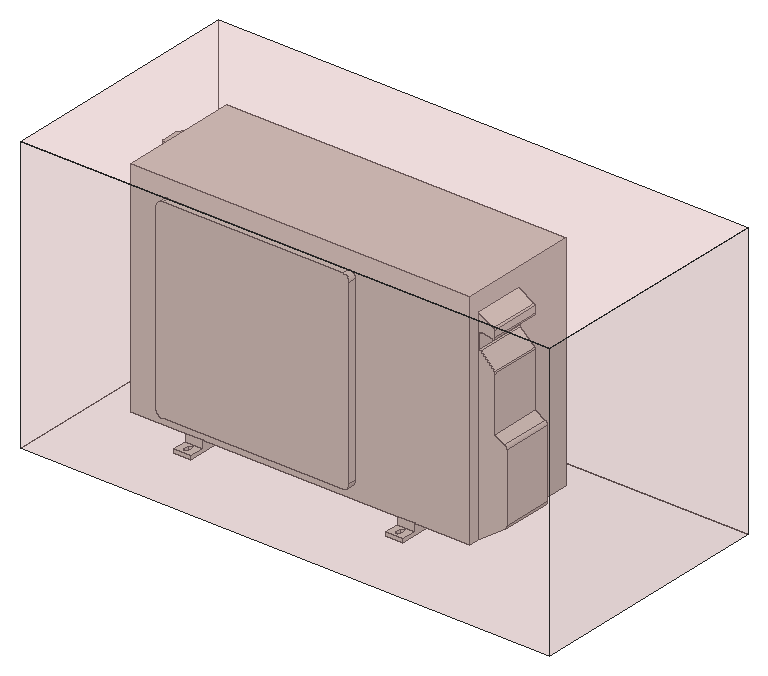
Revit family "MUY-TP50VF", category Mechanical Equipment, Revit 2016
Family settings
  Part Type = Normal
  Round Connector Dimension = Use Radius
  OmniClass Number = 23.75.00.00
  OmniClass Title = Climate Control (HVAC)
  Work Plane-Based = No
  Always vertical = Yes
  Cut with Voids When Loaded = No
  Shared = No
  Room Calculation Point = No
Parameters (values of type "MUY-TP50VF")
  Width (mm) = 800 mm
  Unit Weight (kg) = 34.00 kg
  Starting current (Set) (A) = 6.4
  Refrigerant type = "R32"
  Model = "MUY-TP50VF"
  Voltage = 230 V
  URL = "http://www.mitsubishielectric.com/"
  Subcategory = "HVAC"
  Space View = yes
  Refrigerant filling capacity (kg) = 0.85
  Phase = 1
  Manufacturer = "Mitsubishi Electric Corporation"
  Liquid pipe_radius (mm) = 3.2 mm
  Hertz = 50 Hz
  Height (mm) = 550 mm
  Gas pipe_radius (mm) = 4.8 mm
  Fan speed regulator = 3
  Fan motor Model = "RC0J50-NC"
  Fan Motor Cooling Current (A) = 0.21
  Depth (mm) = 285 mm
  Cooling Sound Level (dB(A)) = 47
  Cooling Running current (Set) (A) = 6.4
  Cooling Power input (Set) (W) = 1450
  Cooling Power factor (Set) (%) = 98
  Cooling Fan Speed_Low (rpm) = 490
  Cooling Fan Speed_High (rpm) = 810
  Cooling Dehumidification (L/h) = 1.3
  Cooling Coefficient of performance (COP) (Set) = 3.45
  Cooling Capacity Rated frequency (Min.-Max.) (kW) = "5.0 (1.5-5.7)"
  Cooling Air Flow_Low (m3/h) = 984
  Cooling Air Flow_High (m3/h) = 1758
  Compressor Refrigeration oil (Model) = "0.35 (FW68S)"
  Compressor Output (W) = 900
  Compressor Model = "SVB130FBBMT"
  Compressor Cooling Current (A) = 6.4
  Breaker Capacity (A) = 10
Reference planes
  plane 1 "Center (Front/Back)": y = 0
  plane 2: z = 0
  plane 3 "Center (Left/Right)": x = 0
  plane 4: y = 137.441
  plane 5: y = -147.559
  plane 6: y = 137.441
  plane 7: y = -147.559
  plane 8: x = -424.944
  plane 9: x = 375.056
  plane 10: z = 550
  plane 11: y = -33.059
  plane 12: x = -122.4
  plane 13: z = 280
  plane 14: through (4267.2, -33.059, 99.519) normal (0, 0.682, -0.7314)
  plane 15: through (4267.2, -33.059, 164.533) normal (0, 0.5736, -0.8192)
Forms (mm)
  Extrusion 1, solid, material "Paint_3Y 7.8/ 1.1"
    sketch origin (0, 0, 0) x (1, 0, 0) y (0, 1, 0)
      loop
        line (-424.944, 137.441) -> (-424.944, -147.559) -> (375.056, -147.559) -> (375.056, 137.441) -> (-424.944, 137.441)
    from 26 to 550
  Extrusion 2, void
    sketch origin (-470.455, 137.441, 0) x (-1, 0, 0) y (0, 0, -1)
      loop
        line (-719.9, -45) -> (-719.9, -523) -> (-90.6, -523) -> (-90.6, -45) -> (-719.9, -45)
    from 0 to 20
  Extrusion 3, solid, material "Service space", visible <- "Space View"
    sketch origin (-18.256, 11.113, 0) x (1, 0, 0) y (0, 1, 0)
      loop
        line (743.313, 226.328) -> (-506.687, 226.328) -> (-506.688, -358.672) -> (743.312, -358.672) -> (743.313, 226.328)
    from 650 to 0
  Extrusion 4, solid
    sketch origin (-394.543, 124.738, 45) x (1, 0, 0) y (0, 1, 0)
      loop
        circle (484.071, 12.703) r 1.954
      loop
        circle (334.071, 12.703) r 1.954
      loop
        circle (174.071, 12.703) r 1.954
      loop
        circle (23.993, 12.703) r 1.954
      loop
        circle (633.993, 12.703) r 1.954
    from 0 to 478
  Extrusion 5, solid
    sketch origin (-475, -20.203, 0) x (0, 1, 0) y (0, 0, 1)
      loop
        circle (157.644, 509.319) r 2
      loop
        circle (157.644, 359.319) r 2
      loop
        circle (157.644, 209.319) r 2
      loop
        circle (157.644, 59.319) r 2
    from 95.145 to 724.445
  Extrusion 6, solid, material "Paint_3Y 7.8/ 1.1"
    sketch origin (0, -152.3, 0) x (1, 0, 0) y (0, 0, 1)
      loop
        line (375.056, 26) -> (441.127, 71.571)
        arc (441.127, 71.571) -> (443.295, 74.815) -> (444.056, 78.642) r 10
        line (444.056, 78.642) -> (444.056, 239.783)
        arc (444.056, 239.783) -> (442.717, 244.783) -> (439.056, 248.443) r 10
        line (439.056, 248.443) -> (415.575, 262) -> (415.575, 389.679)
        arc (415.575, 389.679) -> (415.195, 391.593) -> (414.111, 393.215) r 5
        line (414.111, 393.215) -> (380.436, 426.89)
        arc (380.436, 426.89) -> (379.352, 428.513) -> (378.971, 430.426) r 5
        line (378.971, 430.426) -> (378.971, 462.333)
        arc (378.971, 462.333) -> (380.893, 466.273) -> (385.181, 467.184) r 5
        line (385.181, 467.184) -> (409.366, 461.154)
        arc (409.366, 461.154) -> (413.654, 462.066) -> (415.575, 466.006) r 5
        line (415.575, 466.006) -> (415.575, 481.719)
        arc (415.575, 481.719) -> (414.906, 484.219) -> (413.075, 486.05) r 5
        line (413.075, 486.05) -> (375.056, 508) -> (375.056, 26)
    from -147.241 to -30.241
  Extrusion 7, solid, material "Paint_3Y 7.8/ 1.1"
    sketch origin (-2, -152.3, -15) x (1, 0, 0) y (0, 0, 1)
      loop
        arc (-333.4, 523) -> (-344.007, 518.607) -> (-348.4, 508) r 15
        line (-348.4, 508) -> (-348.4, 82)
        arc (-348.4, 82) -> (-344.007, 71.393) -> (-333.4, 67) r 15
        line (-333.4, 67) -> (92.6, 67)
        arc (92.6, 67) -> (103.207, 71.393) -> (107.6, 82) r 15
        line (107.6, 82) -> (107.6, 508)
        arc (107.6, 508) -> (103.207, 518.607) -> (92.6, 523) r 15
        line (92.6, 523) -> (-333.4, 523)
    from -4.741 to 12.959
  Extrusion 8, solid, material "Copper"
    sketch origin (0, 318.962, 382.582) x (1, 0, 0) y (0, 0.681998, -0.731354)
      loop
        circle (430.373, -33.059) r 4.76
    from -480.5 to -450.5
  Extrusion 9, solid, material "Copper"
    sketch origin (0, 301.686, 358.566) x (1, 0, 0) y (0, 0.573576, -0.819152)
      loop
        circle (430.373, -33.059) r 3.175
    from -415.5 to -385.5
  Extrusion 10, solid, material "Paint_3Y 7.8/ 1.1"
    sketch origin (0, 0, 550) x (1, 0, 0) y (0, 1, 0)
      loop
        line (-424.944, 29.941) -> (-444.593, 16.724)
        arc (-444.593, 16.724) -> (-446.54, 14.566) -> (-447.244, 11.745) r 6
        line (-447.244, 11.745) -> (-447.244, -22.397)
        arc (-447.244, -22.397) -> (-446.657, -24.747) -> (-445.034, -26.545) r 5
        line (-445.034, -26.545) -> (-424.944, -40.059) -> (-424.944, 29.941)
    from -15 to 0
  Extrusion 11, void
    sketch origin (0, -152.3, 0) x (1, 0, 0) y (0, 0, 1)
      loop
        line (-424.944, 547.199) -> (-424.944, 555.425) -> (-453.962, 555.425) -> (-453.962, 538.639) -> (-447.244, 538.639) -> (-424.944, 547.199)
    from -182.424 to -112.241
Cuts and joins
  Extrusion 2 cuts Extrusion 1
  Extrusion 2 cuts Extrusion 3
  Extrusion 2 cuts Extrusion 4
  Extrusion 2 cuts Extrusion 5
  Extrusion 11 cuts Extrusion 10
Lines and regions (mm)
  model lines
    curve 1: line (-354.444, 36.941, 550) -> (304.556, 36.941, 550)
    curve 2: line (-369.444, 81.941, 550) -> (-369.444, 51.941, 550)
    curve 3: line (304.556, 96.941, 550) -> (-354.444, 96.941, 550)
    curve 4: line (-344.4, -165.259, 505) -> (-344.4, -165.259, 55)
    curve 5: line (-332.4, -165.259, 508) -> (-332.4, -165.259, 52)
    curve 6: line (-320.4, -165.259, 508) -> (-320.4, -165.259, 52)
    curve 7: line (-308.4, -165.259, 508) -> (-308.4, -165.259, 52)
    curve 8: line (-296.4, -165.259, 508) -> (-296.4, -165.259, 52)
    curve 9: line (-284.4, -165.259, 508) -> (-284.4, -165.259, 52)
    curve 10: line (-272.507, -165.259, 508) -> (-272.507, -165.259, 52)
    curve 11: line (-260.4, -165.259, 508) -> (-260.4, -165.259, 52)
    curve 12: line (105.6, -165.259, 446) -> (-350.4, -165.259, 446)
    curve 13: line (105.6, -165.259, 352) -> (-350.4, -165.259, 352)
    curve 14: line (105.6, -165.259, 258) -> (-350.4, -165.259, 258)
    curve 15: line (105.6, -165.259, 164) -> (-350.4, -165.259, 164)
    curve 16: line (105.6, -165.259, 70) -> (-350.4, -165.259, 70)
    curve 17: line (-248.4, -165.259, 508) -> (-248.4, -165.259, 52)
    curve 18: line (-236.4, -165.259, 508) -> (-236.4, -165.259, 52)
    curve 19: line (-224.4, -165.259, 508) -> (-224.4, -165.259, 52)
    curve 20: line (-212.4, -165.259, 508) -> (-212.4, -165.259, 52)
    curve 21: line (-200.4, -165.259, 508) -> (-200.4, -165.259, 52)
    curve 22: line (-188.507, -165.259, 508) -> (-188.507, -165.259, 52)
    curve 23: line (-176.4, -165.259, 508) -> (-176.4, -165.259, 52)
    curve 24: line (-164.4, -165.259, 508) -> (-164.4, -165.259, 52)
    curve 25: line (-152.4, -165.259, 508) -> (-152.4, -165.259, 52)
    curve 26: line (-140.4, -165.259, 508) -> (-140.4, -165.259, 52)
    curve 27: line (-128.4, -165.259, 508) -> (-128.4, -165.259, 52)
    curve 28: line (-116.4, -165.259, 508) -> (-116.4, -165.259, 52)
    curve 29: line (-104.507, -165.259, 508) -> (-104.507, -165.259, 52)
    curve 30: line (-92.4, -165.259, 508) -> (-92.4, -165.259, 52)
    curve 31: line (-80.4, -165.259, 508) -> (-80.4, -165.259, 52)
    curve 32: line (-68.4, -165.259, 508) -> (-68.4, -165.259, 52)
    curve 33: line (-56.4, -165.259, 508) -> (-56.4, -165.259, 52)
    curve 34: line (-44.4, -165.259, 508) -> (-44.4, -165.259, 52)
    curve 35: line (-32.4, -165.259, 508) -> (-32.4, -165.259, 52)
    curve 36: line (-20.507, -165.259, 508) -> (-20.507, -165.259, 52)
    curve 37: line (-8.4, -165.259, 508) -> (-8.4, -165.259, 52)
    curve 38: line (3.6, -165.259, 508) -> (3.6, -165.259, 52)
    curve 39: line (15.6, -165.259, 508) -> (15.6, -165.259, 52)
    curve 40: line (27.6, -165.259, 508) -> (27.6, -165.259, 52)
    curve 41: line (39.6, -165.259, 508) -> (39.6, -165.259, 52)
    curve 42: line (51.493, -165.259, 508) -> (51.493, -165.259, 52)
    curve 43: line (63.6, -165.259, 508) -> (63.6, -165.259, 52)
    curve 44: line (75.6, -165.259, 508) -> (75.6, -165.259, 52)
    curve 45: line (87.6, -165.259, 508) -> (87.6, -165.259, 52)
    curve 46: line (99.6, -165.259, 505) -> (99.6, -165.259, 55)
    curve 47: line (319.556, 81.941, 550) -> (319.556, 51.941, 550)
    curve 48: line (-354.444, -107.059, 550) -> (304.556, -107.059, 550)
    curve 49: line (-369.444, -62.059, 550) -> (-369.444, -92.059, 550)
    curve 50: line (304.556, -47.059, 550) -> (-354.444, -47.059, 550)
    curve 51: line (319.556, -62.059, 550) -> (319.556, -92.059, 550)
    curve 52: line (-354.444, -35.059, 550) -> (304.556, -35.059, 550)
    curve 53: line (-369.444, 9.941, 550) -> (-369.444, -20.059, 550)
    curve 54: line (304.556, 24.941, 550) -> (-354.444, 24.941, 550)
    curve 55: line (319.556, 9.941, 550) -> (319.556, -20.059, 550)
    curve 56: arc (304.556, 96.941, 550) -> (315.163, 92.547, 550) -> (319.556, 81.941, 550) r 15
    curve 57: arc (319.556, 51.941, 550) -> (315.163, 41.334, 550) -> (304.556, 36.941, 550) r 15
    curve 58: arc (-369.444, 81.941, 550) -> (-365.05, 92.547, 550) -> (-354.444, 96.941, 550) r 15
    curve 59: arc (-369.444, 51.941, 550) -> (-365.05, 41.334, 550) -> (-354.444, 36.941, 550) r 15
    curve 60: arc (-354.444, 24.941, 550) -> (-365.05, 20.547, 550) -> (-369.444, 9.941, 550) r 15
    curve 61: arc (-369.444, -20.059, 550) -> (-365.05, -30.666, 550) -> (-354.444, -35.059, 550) r 15
    curve 62: arc (-354.444, -47.059, 550) -> (-365.05, -51.453, 550) -> (-369.444, -62.059, 550) r 15
    curve 63: arc (-369.444, -92.059, 550) -> (-365.05, -102.666, 550) -> (-354.444, -107.059, 550) r 15
    curve 64: arc (304.556, 24.941, 550) -> (315.163, 20.547, 550) -> (319.556, 9.941, 550) r 15
    curve 65: arc (304.556, -35.059, 550) -> (315.163, -30.666, 550) -> (319.556, -20.059, 550) r 15
    curve 66: arc (304.556, -47.059, 550) -> (315.163, -51.453, 550) -> (319.556, -62.059, 550) r 15
    curve 67: arc (304.556, -107.059, 550) -> (315.163, -102.666, 550) -> (319.556, -92.059, 550) r 15
Text (mm)
  text "Required Space" at (-452.773, -348.162, 0), in view "Ref. Level"
  text "Required Space" at (520.042, 0, 678.732), in view "Front"
Dimensions and locks
  plane 11 to plane 6 = 170.5 mm
  nested 1 to nested 2 = 500 mm
  plane 9 to plane 8 = 800 mm
  nested 2 to plane 8 = 150.031 mm
  plane 9 to Extrusion 6 = 69 mm
  plane 10 to level = 550 mm
  plane 13 to level = 280 mm
  plane 12 to plane 8 = 302.544 mm
  plane 8 to cut or joined group of Extrusion 10, Extrusion 11 = 22.3 mm
  Extrusion 7 to plane 7 = 17.7 mm
  Extrusion 8 to level = 99.519 mm
  Extrusion 9 to level = 164.533 mm
  nested 1 to nested 1 = 40 mm
  plane 7 to cut or joined group of Extrusion 2, Extrusion 3 = 200 mm
  plane 6 to cut or joined group of Extrusion 2, Extrusion 3 = 100 mm
  plane 9 to cut or joined group of Extrusion 2, Extrusion 3 = 350 mm
  cut or joined group of Extrusion 2, Extrusion 3 to plane 8 = 100 mm
  nested 1 to nested 1 = 344.5 mm
  plane 7 to plane 6 = 285 mm
  Extrusion 3 sketch curve to curve 51 = 405.5 mm
  cut or joined group of Extrusion 2, Extrusion 3 to plane 10 = 100 mm
  radius of Extrusion 8 sketch curve = 4.76 mm
  radius of Extrusion 9 sketch curve = 3.175 mm
  angle level to plane 14 = 43.00°
  angle level to plane 15 = 35.00°
  aligned and locked: level to plane 2
Nested families
  nested 1: "leg" at (225.088, -10.909, 0), type "leg"
  nested 2: "leg" at (-274.912, -10.909, 0), type "leg"
Connectors
  piping at (430.373, -33.059, 164.533), diameter 6.35
    settings: on Extrusion 9, index 1, connector inside diameter 6.35 mm, connector length 0 mm, flow factor 0, pipe flow 0.0 L/s, pressure drop 0.0 Pa, fitting loss kfactor 0, connector angle 0.00°, fixture units 0, engagement length 0 mm, angle of deflection 0.00°, flow configuration 0, flow direction 0, fitting loss method 0, system type 22, joint type 0, gender type 0, connector reference index -1, connector utility 0, adjustable connector no, is connector primary yes, connector description "Liquid Pipe"
  piping at (430.373, -33.059, 99.519), diameter 9.52
    settings: on Extrusion 8, index 2, connector inside diameter 9.52 mm, connector length 0 mm, flow factor 0, pipe flow 0.0 L/s, pressure drop 0.0 Pa, fitting loss kfactor 0, connector angle 0.00°, fixture units 0, engagement length 0 mm, angle of deflection 0.00°, flow configuration 0, flow direction 0, fitting loss method 0, system type 22, joint type 0, gender type 0, connector reference index -1, connector utility 0, adjustable connector no, is connector primary no, connector description "Gas Pipe"
  electrical at (415.575, -63.559, 325.84), driven by "Phase", driven by "Voltage"
    settings: on Extrusion 6, index 3, voltage 230 V, apparent load 0 VA, apparent load phase1 0 VA, apparent load phase2 0 VA, apparent load phase3 0 VA, power factor 1, load classification "Other", number of poles 1, system type 30, power factor state 1, is connector primary yes, connector utility no, sub classification motor no, connector description ""
Definition of nested family "leg"
  Parameters
    Manufacturer = "Mitsubishi Electric Corporation\r\n"
    Voltage = 0 V
    Unit Weight (kg) = 0
    URL = "http://global.mitsubishielectric.com/"
    Subcategory = "HVAC\r\n"
    Space View = yes
    Sound Pressure Level_Mid2 (dB(A)) = 0
    Sound Pressure Level_Mid1 (dB(A)) = 0
    Sound Pressure Level_Mid (dB(A)) = 0
    Sound Pressure Level_Low (dB(A)) = 0
    Sound Pressure Level_High (dB(A)) = 0
    Sound Pressure Level (dB(A)) = 0
    Refrigerant type = ""
    Refrigerant Charge (kg) = 0
    Protection Devices_Inverter circuit (COMP./FAN) = ""
    Protection Devices_High pressure (MPa) = ""
    Protection Devices_Fan motor = ""
    Protection Devices_Compressor = ""
    Protection Device = ""
    Phase = 1
    Maximum Overcurrent Protection (A) = 0
    Maximum Circuit Ampacity (A) = 0
    Indoor Unit Total Capacity = ""
    Indoor Unit Model/Quantity = ""
    Hertz = 0 Hz
    Heating Power Input (kW) = 0
    Heating Current (A) = 0
    Heating Capacity (BTU) = 0
    Fan_Type = ""
    Fan_Quantity = 0
    Fan Motor Output (kW) = 0
    External Material = ""
    Cooling Power Input (kW) = 0
    Cooling Current (A) = 0
    Cooling Capacity (BTU) = 0
    Connectable Outdoor Unit = ""
    Compressor_Type = ""
    Compressor_Quantity = 0
    Compressor_Lubricant = ""
    Compressor Motor Output (kW) = 0
    Compressor Case Heater (kW) = 0
    Airflow Rate_Mid2 (cfm) = 0
    Airflow Rate_Mid1 (cfm) = 0
    Airflow Rate_Mid (cfm) = 0
    Airflow Rate_Low (cfm) = 0
    Airflow Rate_High (cfm) = 0
    Airflow Rate (cfm) = 0
  Reference planes
    plane 1: z = 0
    plane 2 "中心(左/右)": x = 0
    plane 3: z = 26
    plane 4: z = 21
    plane 5: y = -171.65
    plane 6: x = -20
    plane 7: x = 20
    plane 8: z = 8
    plane 9: y = 172.85
    plane 10: y = -154.15
    plane 11: y = 0.55
    plane 12: y = 148.35
    plane 13: y = -136.65
  Forms (mm)
    Extrusion 1, solid
      sketch origin (0, 16.7, 0) x (0, -1, 0) y (0, 0, 1)
        loop
          line (188.35, 8) -> (153.35, 8) -> (153.35, 26) -> (-131.65, 26) -> (-131.65, 8) -> (-156.15, 8) -> (-156.15, 0) -> (188.35, 0) -> (188.35, 8)
      from 20 to -20
    Extrusion 2, void
      sketch origin (0, 32.286, 0) x (-1, 0, 0) y (0, -1, 0)
        loop
          arc (-5, 180.936) -> (0, 175.936) -> (5, 180.936) r 5
          line (5, 180.936) -> (5, 191.936)
          arc (5, 191.936) -> (0, 196.936) -> (-5, 191.936) r 5
          line (-5, 191.936) -> (-5, 180.936)
        loop
          arc (-5, -140.564) -> (0, -145.564) -> (5, -140.564) r 5
          line (5, -140.564) -> (5, -129.564)
          arc (5, -129.564) -> (0, -124.564) -> (-5, -129.564) r 5
          line (-5, -129.564) -> (-5, -140.564)
      from 0 to 8
  Cuts and joins
    Extrusion 2 cuts Extrusion 1
  Dimensions and locks
    plane 5 to plane 9 = 344.5 mm
    plane 5 to plane 10 = 17.5 mm
    plane 13 to plane 12 = 285 mm
    aligned and locked: plane 3 to cut or joined group of Extrusion 1, Extrusion 2
